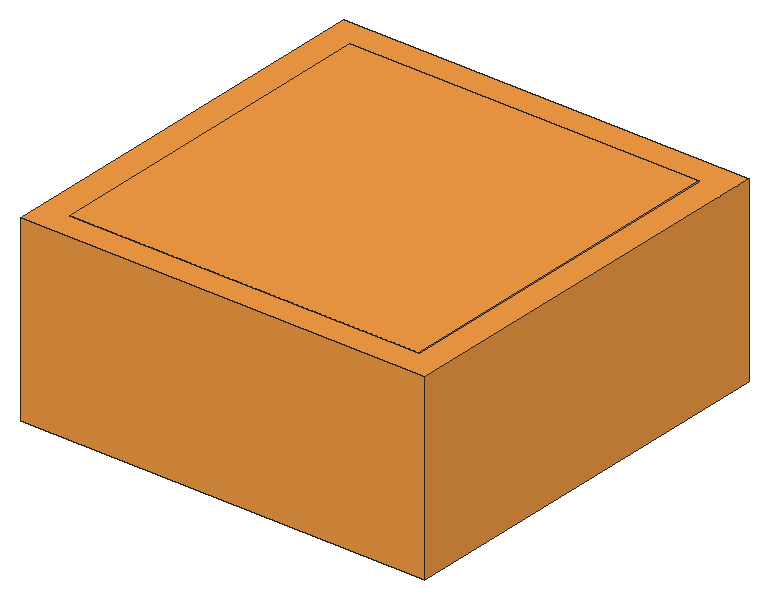
Revit family "Detector óptico de humos_Aguilera Electronica", category Dispositivos de alarma de incendios, Revit 2017
Family settings
  Anfitrión = Cara
  Mantener orientación de anotación = Sí
  Cota de conector redondo = Diámetro de uso
  Tipo de pieza = Normal
  Número OmniClass = 23.85.30.21.11.11.11
  Título OmniClass = Smoke Detectors
  Corte con vacíos al cargar = No
  Compartido = No
  Punto de cálculo de habitación = No
Parameters (values of type "Detector óptico de humos con suplemento para superficie")
  Zona de acción 80 m2 = yes
  Zona de acción 60 m2 = yes
  Símbolo = yes
  Suplemento para superficie = yes
  Símbolo texto modelo = yes
  Radio = Diámetro / 2  # 49.5 mm
  Altura 3 = 8 mm  # constant formula
  Altura 2 = 30 mm
  URL = "https://aguilera.es/?productos=detector-optico-de-humos"
  Modelo = "AE/C5-OP + AE/C5-ZA"
  Fabricante = "Aguilera Electrónica"  # constant formula
  Elevación por defecto = 1200 mm
  Diámetro = 99 mm  # constant formula
  Descripción = "Detector óptico de humos que opera según el principio de luz dispersa (efecto Tyndall). Está indicado para detectar los incendios en su primera fase de humos, antes de que se formen llamas o de que se produzcan aumentos peligrosos de temperatura. Formado por una cámara oscura que incorpora un emisor y un receptor que detectanla presencia de partículas de humo en su interior. El detector dispone de 2 indicadores luminosos (LED) que indican de manera visiblesu estado de funcionamiento en reposo y alarma. Además puede ser conectado unindicador de acción remoto, conectándolo a la base del detector. Una vez activado el detector, la alarma se queda enclavada, siendo necesario hacer un corte momentáneo de la alimentaciónpara poder reponerlo. Fabricado y certificado según norma EN 54-7:2000. Debido al método de detección de este tipo de detectores se recomienda su instalación en ambientes limpios."  # constant formula
  Comentarios de tipo = "Detector óptico de humos certificado LPCB según norma EN 54-7.\r\nDetectores de bajo perfil con diseño atractivo.\r\nFabricados con tecnología SMD, disponen de doble indicador luminoso, salida de alarma remota con misma base intercambiable de fácil conexión.\r\nZócalo y protector de polvo incluidos.\r\n\r\n    Conexión a 2 hilos.\r\n    Alimentación entre 15 y 35 Vcc.\r\n    Consumo: 35 ?A (reposo), 80 mA (alarma).\r\n    Medidas: Ø 99 mm, altura con base incluida: 46 mm."  # constant formula
  Altura 1 = 38 mm  # constant formula
Types (5, lengths in mm): name | Suplemento para superficie | Altura 2 | Modelo
  (no name) | yes | 30 | "AE/C5-OP + AE/C5-ZA"
  Detector óptico de humos | no | 1 | "AE/C5-OP"
  Detector óptico de humos con suplemento para superficie | yes | 30 | "AE/C5-OP + AE/C5-ZA"
  Detector óptico de humos con zócalo bajo | no | 10 | "AE/C5-OP + AE/ZCB"
  Detector óptico de humos con zócalo alto | no | 22 | "AE/C5-OP + AE/ZCA"
Reference planes
  plane 1 "Centro (Frontal/Posterior)": y = 0
  plane 2: z = 0
  plane 3 "Centro (Izquierda/Derecha)": x = 0
  plane 4: z = 76
  plane 5: z = 68
  plane 6: z = 30
Forms (mm)
  Extrusion 1, solid
    sketch origin (0, 0, 0) x (1, 0, 0) y (0, 1, 0)
      loop
        line (-1219.2, 1219.2) -> (-1219.2, -1219.2) -> (1219.2, -1219.2) -> (1219.2, 1219.2) -> (-1219.2, 1219.2)
    from 0 to -304.8
  Extrusion 2, solid, material "Carcasa ABS", detail levels fine
    sketch origin (0, 0, 0) x (1, 0, 0) y (0, 1, 0)
      loop
        circle (0, 0) r 18.837
    from 74.409 to 76
  Extrusion 3, solid, material "Carcasa ABS", detail levels fine
    sketch origin (4.277, 0, 83.026) x (1, 0, 0) y (0, 0, -1)
      loop
        line (-19.852, 15.026) -> (-27.226, 15.026)
        arc (-27.226, 15.026) -> (-24.259, 12.003) -> (-21.715, 8.616) r 32.144
        line (-21.715, 8.616) -> (-19.852, 8.616) -> (-19.852, 15.026)
    from -2.054 to 1.982
  Revolve 4, solid, material "Carcasa ABS"
    sketch origin (0, 0, 0) x (0, 1, 0) y (0, 0, 1)
      loop
        line (-49.5, 30) -> (-49.5, 0) -> (0, 0) -> (0, 30) -> (-49.5, 30)
      axis (0, 30) -> (0, 0)
    angle from 0 to 360
  Extrusion 5, solid, material "Carcasa ABS", visible <- "Suplemento para superficie", detail levels medium+fine
    sketch origin (0, 0, 28.069) x (0, 1, 0) y (0, 0, 1)
      loop
        circle (0, -13.675) r 10
    from 46.956 to 49.451
  Extrusion 6, solid, material "Carcasa ABS", visible <- "Suplemento para superficie", detail levels medium+fine
    sketch origin (0, 0, 28.069) x (-1, 0, 0) y (0, 0, 1)
      loop
        circle (0, -13.675) r 10
    from 46.733 to 49.566
  Extrusion 7, solid, material "Carcasa ABS", visible <- "Suplemento para superficie", detail levels medium+fine
    sketch origin (0, 0, 28.069) x (0, 1, 0) y (0, 0, -1)
      loop
        circle (0, 13.675) r 10
    from 47.25 to 49.524
  Extrusion 8, solid, material "Carcasa ABS", detail levels fine
    sketch origin (-4.277, 0, 83.026) x (-1, 0, 0) y (0, 0, 1)
      loop
        line (-19.852, -15.026) -> (-19.852, -8.616) -> (-21.662, -8.616)
        arc (-21.662, -8.616) -> (-24.19, -12.001) -> (-27.141, -15.026) r 32.171
        line (-27.141, -15.026) -> (-19.852, -15.026)
    from -2.054 to 1.982
  Extrusion 9, solid, material "Carcasa ABS", detail levels fine
    sketch origin (2.17, -3.722, 83.026) x (0.5, -0.866025, 0) y (0, 0, -1)
      loop
        line (-21.153, 15.026) -> (-28.442, 15.026)
        arc (-28.442, 15.026) -> (-25.491, 12.001) -> (-22.962, 8.616) r 32.171
        line (-22.962, 8.616) -> (-21.153, 8.616) -> (-21.153, 15.026)
    from -2.054 to 1.982
  Extrusion 10, solid, material "Carcasa ABS", detail levels fine
    sketch origin (-2.107, 3.686, 83.026) x (-0.5, 0.866025, 0) y (0, 0, 1)
      loop
        line (-21.586, -15.026) -> (-21.586, -8.616) -> (-23.396, -8.616)
        arc (-23.396, -8.616) -> (-25.925, -12.001) -> (-28.876, -15.026) r 32.171
        line (-28.876, -15.026) -> (-21.586, -15.026)
    from -2.054 to 1.982
  Extrusion 11, solid, material "Carcasa ABS", detail levels fine
    sketch origin (-2.107, -3.758, 83.026) x (-0.5, -0.866025, 0) y (0, 0, -1)
      loop
        line (-21.586, 15.026) -> (-28.876, 15.026)
        arc (-28.876, 15.026) -> (-25.925, 12.001) -> (-23.396, 8.616) r 32.171
        line (-23.396, 8.616) -> (-21.586, 8.616) -> (-21.586, 15.026)
    from -2.054 to 1.982
  Extrusion 12, solid, material "Carcasa ABS", detail levels fine
    sketch origin (2.17, 3.65, 83.026) x (0.5, 0.866025, 0) y (0, 0, 1)
      loop
        line (-21.586, -15.026) -> (-21.586, -8.616) -> (-23.396, -8.616)
        arc (-23.396, -8.616) -> (-25.925, -12.001) -> (-28.876, -15.026) r 32.171
        line (-28.876, -15.026) -> (-21.586, -15.026)
    from -2.054 to 1.982
  Revolve 13, solid, material "Carcasa ABS", detail levels medium+fine
    sketch origin (0, 0, 0) x (1, 0, 0) y (0, 0, 1)
      loop
        arc (-44.248, 68) -> (-47.962, 66.462) -> (-49.5, 62.748) r 5.252
        line (-49.5, 62.748) -> (-49.5, 30) -> (-18.204, 30) -> (-18.204, 68) -> (-44.248, 68)
      axis (0, 30) -> (0, 68)
    angle from 0 to 360
  Extrusion 14, solid, material "Zona de acción", visible <- "Zona de acción 80 m2"
    sketch origin (-3703.865, 3705, 0) x (1, 0, 0) y (0, 1, 0)
      loop
        line (-746.135, -8155) -> (8153.865, -8155) -> (8153.865, 745) -> (-746.135, 745) -> (-746.135, -8155)
    from 0 to 4000
  Extrusion 15, solid, material "Zona de acción", visible <- "Zona de acción 60 m2"
    sketch origin (-4303.865, 3105, 0) x (1, 0, 0) y (0, 1, 0)
      loop
        line (453.865, -6955) -> (8153.865, -6955) -> (8153.865, 745) -> (453.865, 745) -> (453.865, -6955)
    from 0 to 4000
Dimensions and locks
  locked: Extrusion 2 to Extrusion 2 at 1.591
  "Altura 2": plane 6 to Extrusion 1
  "Altura 1": plane 5 to plane 6
  "Altura 3": plane 4 to plane 5
  "Radio": Revolve 4 sketch curve to Revolve 4 sketch curve
  "Radio": plane 3 "Centro (Izquierda/Derecha)" to Revolve 13 sketch curve
  aligned and locked: plane 2 to Extrusion 1
  aligned and locked: level to Extrusion 1
  aligned and locked: plane 4 to Extrusion 2
  aligned and locked: Extrusion 1 to Revolve 4 sketch curve
  aligned and locked: plane 1 "Centro (Frontal/Posterior)" to Revolve 4 sketch curve  (x2)
  aligned and locked: Extrusion 3 to plane 5
  aligned and locked: Revolve 4 sketch curve to plane 6
  aligned and locked: Revolve 13 sketch curve to plane 3 "Centro (Izquierda/Derecha)"
  aligned and locked: plane 6 to Revolve 13 sketch curve
  aligned and locked: Revolve 13 sketch curve to plane 5
  aligned and locked: Extrusion 3 to Extrusion 2
  aligned and locked: Extrusion 12 to Extrusion 2
  aligned and locked: Extrusion 10 to Extrusion 2
  aligned and locked: Extrusion 8 to Extrusion 2
  aligned and locked: Extrusion 9 to Extrusion 2
  aligned and locked: Extrusion 11 to Extrusion 2
  aligned and locked: Extrusion 12 to plane 5
  aligned and locked: Extrusion 9 to plane 5
  aligned and locked: Extrusion 10 to plane 5
  aligned and locked: Extrusion 11 to plane 5
  aligned and locked: Extrusion 8 to plane 5
Automatic sketch dimensions
  Extrusion 1 sketch curve to Extrusion 1 sketch curve = 2438.4 mm  (x2)
  plane 1 "Centro (Frontal/Posterior)" to Extrusion 2 sketch curve = 0 mm
  Extrusion 2 sketch curve to plane 3 "Centro (Izquierda/Derecha)" = 0 mm
  Extrusion 3 sketch curve to plane 5 = 0 mm
  Extrusion 3 sketch curve to plane 4 = 1.591 mm
  plane 4 to Extrusion 3 sketch curve = 15.98 mm
  Extrusion 3 sketch curve to plane 3 "Centro (Izquierda/Derecha)" = 44.355 mm
  Extrusion 3 sketch curve to plane 3 "Centro (Izquierda/Derecha)" = 22.949 mm
  Extrusion 3 sketch curve to Extrusion 3 sketch curve = 1.863 mm
  Extrusion 5 sketch curve to plane 1 "Centro (Frontal/Posterior)" = 0 mm
  level to Extrusion 5 sketch curve = 14.394 mm
  Extrusion 6 sketch curve to plane 3 "Centro (Izquierda/Derecha)" = 0 mm
  level to Extrusion 6 sketch curve = 14.394 mm
  Extrusion 7 sketch curve to plane 1 "Centro (Frontal/Posterior)" = 0 mm
  level to Extrusion 7 sketch curve = 14.394 mm
  Extrusion 8 sketch curve to plane 5 = 0 mm
  Extrusion 8 sketch curve to plane 4 = 1.591 mm
  plane 4 to Extrusion 8 sketch curve = 15.93 mm
  plane 3 "Centro (Izquierda/Derecha)" to Extrusion 8 sketch curve = 44.366 mm
  plane 3 "Centro (Izquierda/Derecha)" to Extrusion 8 sketch curve = 22.864 mm
  Extrusion 8 sketch curve to Extrusion 8 sketch curve = 1.81 mm
  Extrusion 9 sketch curve to plane 5 = 0 mm
  Extrusion 9 sketch curve to plane 4 = 1.591 mm
  plane 4 to Extrusion 9 sketch curve = 15.93 mm
  Extrusion 9 sketch curve to Extrusion 9 sketch curve = 21.501 mm
  Extrusion 9 sketch curve to Extrusion 9 sketch curve = 1.81 mm
  Extrusion 10 sketch curve to plane 5 = 0 mm
  Extrusion 10 sketch curve to plane 4 = 1.591 mm
  plane 4 to Extrusion 10 sketch curve = 15.93 mm
  Extrusion 10 sketch curve to Extrusion 10 sketch curve = 21.501 mm
  Extrusion 10 sketch curve to Extrusion 10 sketch curve = 1.81 mm
  Extrusion 11 sketch curve to plane 5 = 0 mm
  Extrusion 11 sketch curve to plane 4 = 1.591 mm
  plane 4 to Extrusion 11 sketch curve = 15.93 mm
  Extrusion 11 sketch curve to Extrusion 11 sketch curve = 21.501 mm
  Extrusion 11 sketch curve to Extrusion 11 sketch curve = 1.81 mm
  Extrusion 12 sketch curve to plane 5 = 0 mm
  Extrusion 12 sketch curve to plane 4 = 1.591 mm
  plane 4 to Extrusion 12 sketch curve = 15.93 mm
  Extrusion 12 sketch curve to Extrusion 12 sketch curve = 21.501 mm
  Extrusion 12 sketch curve to Extrusion 12 sketch curve = 1.81 mm
  Extrusion 14 sketch curve to plane 3 "Centro (Izquierda/Derecha)" = 4450 mm
  plane 3 "Centro (Izquierda/Derecha)" to Extrusion 14 sketch curve = 4450 mm
  plane 1 "Centro (Frontal/Posterior)" to Extrusion 14 sketch curve = 4450 mm
  Extrusion 14 sketch curve to plane 1 "Centro (Frontal/Posterior)" = 4450 mm
  Extrusion 15 sketch curve to plane 3 "Centro (Izquierda/Derecha)" = 3850 mm
  plane 3 "Centro (Izquierda/Derecha)" to Extrusion 15 sketch curve = 3850 mm
  plane 1 "Centro (Frontal/Posterior)" to Extrusion 15 sketch curve = 3850 mm
  Extrusion 15 sketch curve to plane 1 "Centro (Frontal/Posterior)" = 3850 mm
  Revolve 4 sketch curve to level = 4.781 mm
  Revolve 4 sketch curve to Revolve 4 sketch curve = 7.426 mm
  Revolve 13 sketch curve to plane 5 = 5.252 mm
  Revolve 13 sketch curve to plane 3 "Centro (Izquierda/Derecha)" = 18.204 mm
  plane 6 to Revolve 13 sketch curve = 2.38 mm
  Revolve 13 sketch curve to Revolve 13 sketch curve = 9 mm
  radius of Extrusion 2 sketch curve = 18.837 mm
  radius of Extrusion 5 sketch curve = 10 mm
  radius of Extrusion 6 sketch curve = 10 mm
  radius of Extrusion 7 sketch curve = 10 mm
Nested families
  nested 1: "S_Detector óptico perfil bajo_Aguilera Electronica" at (0, 2.084, 0), visible <- "Símbolo", type "S_Detector óptico perfil bajo_Aguilera Electronica", detail levels coarse
Connectors
  cabletrayconduit at (49.451, 0, 14.394), diameter 20
    settings: on Extrusion 5, index 2, connector width 300 mm, connector height 300 mm, connector angle 0.00°, system type 32, placement type 0, profile type 0, connector reference index -1, is primary connector yes, connector utility param no, connector description ""
  cabletrayconduit at (0, 49.566, 14.394), diameter 20
    settings: on Extrusion 6, index 3, connector width 300 mm, connector height 300 mm, connector angle 0.00°, system type 32, placement type 0, profile type 0, connector reference index -1, is primary connector no, connector utility param no, connector description ""
  cabletrayconduit at (-49.524, 0, 14.394), diameter 20
    settings: on Extrusion 7, index 4, connector width 300 mm, connector height 300 mm, connector angle 0.00°, system type 32, placement type 0, profile type 0, connector reference index -1, is primary connector no, connector utility param no, connector description ""
  electrical at (0, 0, 0), driven by "Modelo"
    settings: on Revolve 4, index 5, voltage 0 V, apparent load 0 VA, apparent load phase1 0 VA, apparent load phase2 0 VA, apparent load phase3 0 VA, power factor 1, load classification "Otro", number of poles 1, system type 11, power factor state 1, is connector primary yes, connector utility no, sub classification motor no, connector description "AE/C5-OP + AE/C5-ZA"
Definition of nested family "S_Detector óptico perfil bajo_Aguilera Electronica"
  Parameters (values of type "S_Detector óptico perfil bajo_Aguilera Electronica")
    Texto símbolo = "OP"
    Texto modelo = yes
    Modelo = "Detector óptico"
  Reference planes
    plane 1: y = 0
    plane 2: x = 0
  Lines and regions (mm)
    detail lines
      curve 1: line (-4.116, -2.084, 0) -> (4.116, -2.084, 0)
      curve 2: line (-4.116, 2.084, 0) -> (-4.116, -2.084, 0)
      curve 3: line (4.116, 2.084, 0) -> (-4.116, 2.084, 0)
      curve 4: line (4.116, -2.084, 0) -> (4.116, 2.084, 0)
      curve 5: line (-3.183, 0, 0) -> (-1.842, 1.341, 0)
      curve 6: line (-1.842, 1.341, 0) -> (0.89, -1.392, 0)
      curve 7: line (0.89, -1.392, 0) -> (2.316, 0.034, 0)
      curve 8: circle (2.705, -0.432, 0) r 0.607 normal (0, 0, 1)
  Text (mm)
    label "Texto símbolo" at (-2.438, -1.13, 0), shows "Texto símbolo"
    label "Modelo" at (0.158, -3.714, 0), shows "Modelo", visible <- "Texto modelo"
